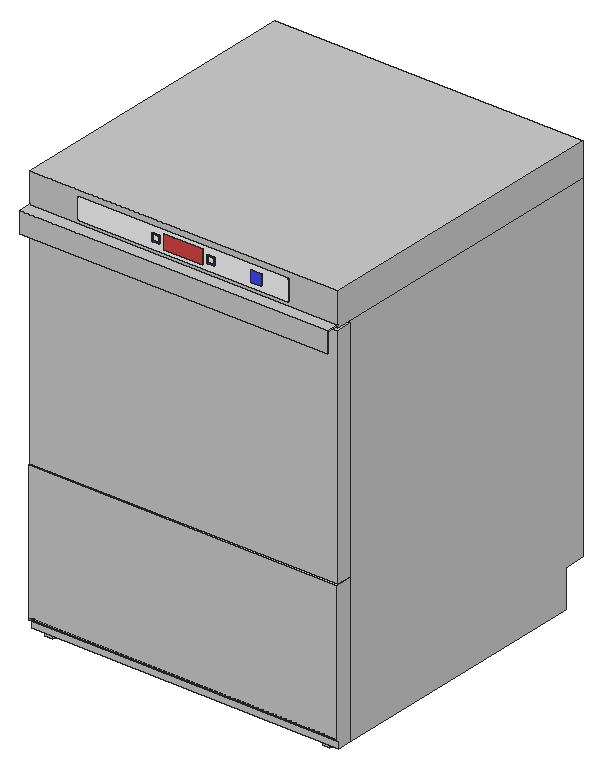
Revit family "QF_HOONVED_HSP50", category Attrezzature speciali, Revit 2019
Family settings
  Quota connettore circolare = Usa diametro
  Tipo di parte = Normale
  Numero OmniClass = 23.40.40.14
  Titolo OmniClass = Food Service Equipment
  Basato su piano di lavoro = No
  Sempre verticale = Sì
  Taglio con vuoti quando caricato = No
  Condiviso = No
  Punto di calcolo locali = No
Parameters (values of type "H56219")
  URL catalogo = "https://www.hoonved.com/prodotti/lavabicchieri-e-lavastoviglie-sottobanco/hsp/"
  URL = "https://www.hoonved.com/"
  Tensione = 400 V
  Temperatura raccomandata per acqua calda = 50 °C
  Show Logo [instance] = yes
  Show Clearance [instance] = yes
  Protezione contro le sovracorrenti = 16 A
  Profondità = 600 mm
  Pressione minima acqua calda = 2000.0 Pa
  Potenza elettrica = 5450 W
  Peso netto = 71.00 kg
  Numero dei poli = 3
  Modello = "HSP50"
  Produttore = "HOONVED"
  Lunghezza = 600 mm
  Frequenza = 50 Hz
  Fase = 3
  Diametro raccordo acqua calda = 3/4"
  Diametro dello scarico diretto di acqua = 1 3/8"
  Descrizione = "DUAL WALL MULTIPOWER DISHWASHER WITH HR DRAIN PUMP, PERISTALTIC DOSING UNITS AND RCD"
  Corrente di funzionamento normale = 11 A
  Assembly Code = ""
  Altezza dello scarico diretto acqua da pavimento finito = 64 mm
  Altezza da terra raccordo acqua calda = 64 mm
  Altezza allacciamento elettrico da pavimento finito = 83 mm
  Altezza = 810 mm
Reference planes
  plane 1 "Back": y = 0
  plane 2: z = 0
  plane 3 "Left": x = 0
  plane 4 "Right": x = 600
  plane 5 "Front": y = -600
  plane 6 "Top": z = 810
Forms (mm)
  Extrusion 1, solid
    sketch origin (0, 0, 0) x (1, 0, 0) y (0, 1, 0)
      loop
        line (21.3, -49.113) -> (14.1, -61.584) -> (21.3, -74.054) -> (35.7, -74.054) -> (42.9, -61.584) -> (35.7, -49.113) -> (21.3, -49.113)
      loop
        line (563.3, -49.113) -> (556.1, -61.584) -> (563.3, -74.054) -> (577.7, -74.054) -> (584.9, -61.584) -> (577.7, -49.113) -> (563.3, -49.113)
      loop
        line (21.3, -563.113) -> (14.1, -575.584) -> (21.3, -588.054) -> (35.7, -588.054) -> (42.9, -575.584) -> (35.7, -563.113) -> (21.3, -563.113)
      loop
        line (563.3, -563.113) -> (556.1, -575.584) -> (563.3, -588.054) -> (577.7, -588.054) -> (584.9, -575.584) -> (577.7, -563.113) -> (563.3, -563.113)
    from 0 to 6.5
  Extrusion 2, solid
    sketch origin (0, 0, 0) x (1, 0, 0) y (0, 1, 0)
      loop
        circle (28.5, -61.584) r 9
      loop
        circle (570.5, -61.584) r 9
      loop
        circle (28.5, -575.584) r 9
      loop
        circle (570.5, -575.584) r 9
    from 6.5 to 8.7
  Extrusion 3, solid
    sketch origin (0, 0, -5.5) x (0, 1, 0) y (0, 0, 1)
      loop
        line (-597.594, 815.5) -> (-597.594, 750.5) -> (0, 750.5) -> (0, 815.5) -> (-597.594, 815.5)
    from 0 to 600
  Extrusion 4, solid
    sketch origin (0, 0, 0) x (0, 1, 0) y (0, 0, 1)
      loop
        line (-568.297, 745) -> (-568.297, 8.7) -> (-42.297, 8.7) -> (-42.297, 83) -> (0, 83) -> (0, 745) -> (-568.297, 745)
    from 0 to 600
  Extrusion 5, solid
    sketch origin (0, 0, 0) x (0, 1, 0) y (0, 0, 1)
      loop
        line (-568.297, 9.046) -> (-568.297, 295.946) -> (-599.984, 295.946) -> (-599.984, 26.946)
        arc (-599.984, 26.946) -> (-599.281, 25.249) -> (-597.584, 24.546) r 2.4
        line (-597.584, 24.546) -> (-595.384, 24.546)
        arc (-595.384, 24.546) -> (-594.252, 24.078) -> (-593.784, 22.946) r 1.6
        line (-593.784, 22.946) -> (-593.784, 9.046) -> (-568.297, 9.046)
    from 0 to 600
  Extrusion 6, solid
    sketch origin (354.8, 0, 33) x (1, 0, 0) y (0, 1, 0)
      loop
        circle (122.1, -23.084) r 13
    from 30.7 to 50
  Extrusion 7, solid
    sketch origin (127.8, 0, 33) x (1, 0, 0) y (0, 1, 0)
      loop
        circle (122.1, -23.084) r 13
    from 48 to 50
  Extrusion 8, solid
    sketch origin (27.8, 0, 33) x (1, 0, 0) y (0, 1, 0)
      loop
        circle (122.1, -23.084) r 13
    from 48 to 50
  Extrusion 9, solid
    sketch origin (-208.568, -595.794, 188) x (1, 0, 0) y (0, 0, 1)
      loop
        line (302.336, 607.5) -> (302.336, 571.5)
        arc (302.336, 571.5) -> (303.136, 569.568) -> (305.068, 568.768) r 2.732
        line (305.068, 568.768) -> (711.068, 568.768)
        arc (711.068, 568.768) -> (713, 569.568) -> (713.8, 571.5) r 2.732
        line (713.8, 571.5) -> (713.8, 607.5)
        arc (713.8, 607.5) -> (713, 609.432) -> (711.068, 610.232) r 2.732
        line (711.068, 610.232) -> (305.068, 610.232)
        arc (305.068, 610.232) -> (303.136, 609.432) -> (302.336, 607.5) r 2.732
    from 0 to 2
  Extrusion 10, solid
    sketch origin (-208.568, -595.994, 198) x (1, 0, 0) y (0, 0, 1)
      loop
        line (470.568, 593.5) -> (470.568, 565.5) -> (545.568, 565.5) -> (545.568, 593.5) -> (470.568, 593.5)
    from 0 to 2
  Extrusion 11, solid
    sketch origin (-218.568, -595.994, 198) x (1, 0, 0) y (0, 0, 1)
      loop
        arc (651.094, 590.5) -> (649.662, 589.907) -> (649.068, 588.474) r 2.026
        line (649.068, 588.474) -> (649.068, 570.509)
        arc (649.068, 570.509) -> (649.656, 569.088) -> (651.077, 568.5) r 2.009
        line (651.077, 568.5) -> (669.077, 568.5)
        arc (669.077, 568.5) -> (670.485, 569.083) -> (671.068, 570.491) r 1.991
        line (671.068, 570.491) -> (671.068, 588.549)
        arc (671.068, 588.549) -> (670.497, 589.928) -> (669.117, 590.5) r 1.951
        line (669.117, 590.5) -> (651.094, 590.5)
      loop
        arc (566.576, 587.5) -> (564.449, 586.619) -> (563.568, 584.492) r 3.008
        line (563.568, 584.492) -> (563.568, 574.492)
        arc (563.568, 574.492) -> (564.445, 572.376) -> (566.56, 571.5) r 2.992
        line (566.56, 571.5) -> (576.544, 571.5)
        arc (576.544, 571.5) -> (578.683, 572.386) -> (579.568, 574.524) r 3.024
        line (579.568, 574.524) -> (579.568, 584.495)
        arc (579.568, 584.495) -> (578.688, 586.62) -> (576.563, 587.5) r 3.005
        line (576.563, 587.5) -> (566.576, 587.5)
      loop
        line (565.568, 584.492) -> (565.568, 574.492)
        arc (565.568, 574.492) -> (565.859, 573.791) -> (566.56, 573.5) r 0.992
        line (566.56, 573.5) -> (576.544, 573.5)
        arc (576.544, 573.5) -> (577.268, 573.8) -> (577.568, 574.524) r 1.024
        line (577.568, 574.524) -> (577.568, 584.495)
        arc (577.568, 584.495) -> (577.274, 585.206) -> (576.563, 585.5) r 1.005
        line (576.563, 585.5) -> (566.576, 585.5)
        arc (566.576, 585.5) -> (565.863, 585.205) -> (565.568, 584.492) r 1.008
      loop
        arc (459.574, 587.5) -> (457.448, 586.619) -> (456.567, 584.492) r 3.008
        line (456.567, 584.492) -> (456.567, 574.492)
        arc (456.567, 574.492) -> (457.443, 572.376) -> (459.559, 571.5) r 2.992
        line (459.559, 571.5) -> (469.543, 571.5)
        arc (469.543, 571.5) -> (471.681, 572.386) -> (472.567, 574.524) r 3.024
        line (472.567, 574.524) -> (472.567, 584.495)
        arc (472.567, 584.495) -> (471.687, 586.62) -> (469.562, 587.5) r 3.005
        line (469.562, 587.5) -> (459.574, 587.5)
      loop
        line (458.567, 584.492) -> (458.567, 574.492)
        arc (458.567, 574.492) -> (458.857, 573.791) -> (459.559, 573.5) r 0.992
        line (459.559, 573.5) -> (469.543, 573.5)
        arc (469.543, 573.5) -> (470.267, 573.8) -> (470.567, 574.524) r 1.024
        line (470.567, 574.524) -> (470.567, 584.495)
        arc (470.567, 584.495) -> (470.272, 585.206) -> (469.562, 585.5) r 1.005
        line (469.562, 585.5) -> (459.574, 585.5)
        arc (459.574, 585.5) -> (458.862, 585.205) -> (458.567, 584.492) r 1.008
    from 0 to 2
  Extrusion 12, solid
    sketch origin (1000, -568.594, 100) x (1, 0, 0) y (0, 0, 1)
      loop
        line (-1000, 640.792) -> (-1000, 197.942) -> (-400, 197.942) -> (-400, 640.792) -> (-1000, 640.792)
    from 0 to 29
  Extrusion 13, solid, visible <- "Show Clearance", detail levels coarse
    sketch origin (0, 0, 100) x (0, 1, 0) y (0, 0, 1)
      loop
        arc (-597.594, 650.792) -> (-917.807, 518.155) -> (-1050.444, 197.942) r 452.85
        line (-1050.444, 197.942) -> (-597.594, 197.942) -> (-597.594, 650.792)
    from 0 to 600
  Extrusion 14, solid
    sketch origin (600, -568.594, 397.942) x (0, 0, 1) y (0, -1, 0)
      loop
        line (352.85, 29) -> (352.85, 54) -> (312.85, 54) -> (312.85, 52) -> (350.85, 52) -> (350.85, 29) -> (352.85, 29)
    from 0 to -600
Lines and regions (mm)
  symbolic lines, style "200-EquipBorder-2D"
    curve 1: line (0, 0, 0) -> (600, 0, 0)
    curve 2: line (0, -599.984, 0) -> (0, 0, 0)
    curve 3: line (600, -599.984, 0) -> (0, -599.984, 0)
    curve 4: line (600, 0, 0) -> (600, -599.984, 0)
  symbolic lines, style "QF_Door-Drawer Clearances", visible <- "Show Clearance"
    curve 5: line (600, -1050.444, 0) -> (0, -1050.444, 0)
    curve 6: line (0, -599.984, 0) -> (0, -1050.444, 0)
    curve 7: line (600, -1050.444, 0) -> (600, -599.984, 0)
Dimensions and locks
  plane 3 "Left" to plane 4 "Right" = 600 mm
  plane 5 "Front" to plane 1 "Back" = 600 mm
  plane 6 "Top" to level = 810 mm
  Extrusion 14 sketch curve to Extrusion 13 = 25 mm
  locked: Extrusion 14 sketch curve to Extrusion 14 sketch curve at 2
  Extrusion 4 sketch curve to Extrusion 4 sketch curve = 74.3 mm
  Extrusion 4 sketch curve to Extrusion 3 = 662 mm
  aligned and locked: level to plane 2
  aligned and locked: Extrusion 13 to Extrusion 14 sketch curve
  aligned and locked: Extrusion 14 to Extrusion 3
  aligned and locked: Extrusion 3 to Extrusion 14
Connectors
  electrical at (476.9, -23.084, 63.7)
    settings: on Extrusion 6, index 1, voltage 0 V, apparent load 0 VA, apparent load phase1 0 VA, apparent load phase2 0 VA, apparent load phase3 0 VA, power factor 1, load classification "Other", number of poles 1, system type 31, power factor state 1, is connector primary yes, connector utility no, sub classification motor no, connector description "electrical connection"
  piping at (149.9, -23.084, 81), diameter 30
    settings: on Extrusion 8, index 2, connector inside diameter 24", connector length 0 mm, flow factor 0, pipe flow 0.0 L/s, pressure drop 0.0 Pa, fitting loss kfactor 0, connector angle 0.00°, fixture units 0, engagement length 0 mm, angle of deflection 0.00°, flow configuration 1, flow direction 1, fitting loss method 0, system type 19, joint type 0, gender type 0, connector reference index -1, connector utility 0, adjustable connector no, is connector primary yes, connector description "water inlet"
  piping at (249.9, -23.084, 81), diameter 30
    settings: on Extrusion 7, index 3, connector inside diameter 24", connector length 0 mm, flow factor 0, pipe flow 0.0 L/s, pressure drop 0.0 Pa, fitting loss kfactor 0, connector angle 0.00°, fixture units 0, engagement length 0 mm, angle of deflection 0.00°, flow configuration 1, flow direction 2, fitting loss method 0, system type 16, joint type 0, gender type 0, connector reference index -1, connector utility 0, adjustable connector no, is connector primary no, connector description "drain connection"
